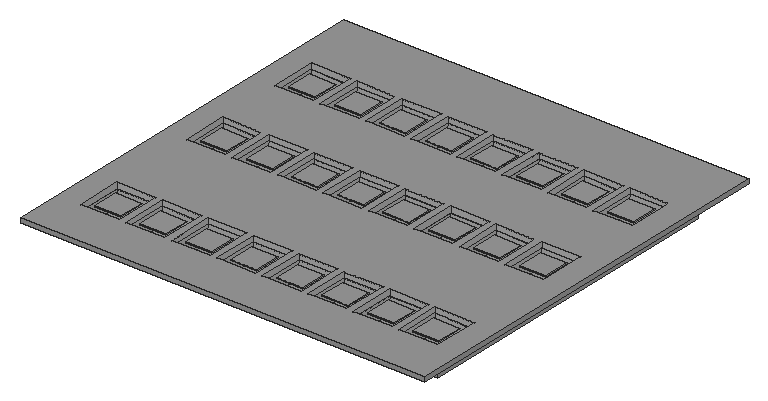
Revit family "2023651", category Lighting Fixtures, host Face, Revit 2018
Family settings
  Host = Face
  Round Connector Dimension = Use Diameter
  Part Type = Normal
  OmniClass Number = 23.80.70.00
  OmniClass Title = Lighting
  Cut with Voids When Loaded = No
  Light Source = Yes
  Shared = No
  Room Calculation Point = No
Parameters (values of type "2023651 OPTIX R 625 3L TW ALU SSC01")
  Weight = "n/a"
  Wattage Comments = ""
  Wattage = 9.2903 W
  WarrantyStartDate [instance] = "n/a"
  WarrantyGuarantorParts = "n/a"
  WarrantyDurationUnit = "n/a"
  WarrantyDurationParts = ""
  WarrantyDescription = "http://www.sylvania-lighting.com"
  built-in parameter 1150110 = 1 (stored number, unit not read)
  Voltage = 0 V
  URL = "0.97"
  TypeName = "OPTIX RECESSED 625 3L TW ALU SSC01"
  Type Image = <None>
  Type Comments = "n/a"
  built-in parameter 1114217 = 1 (stored number, unit not read)
  Tilt Angle = -90.00°
  built-in parameter 1150109 = 1 (stored number, unit not read)
  built-in parameter 1150134 = 3
  built-in parameter 1150113 = 1 (stored number, unit not read)
  SerialNumber [instance] = "n/a"
  Photometric Web File = "2023651.ies"
  Material_3_SYL = none
  PowerFactor = 0
  PowerConsumption = "Lighting"
  NominalLength = 621 mm
  NominalHeight = 38 mm
  NominalDepth = 620 mm
  Name = "OPTIX RECESSED 625 3L TW ALU SSC01"
  ModelReference = Name  # "OPTIX RECESSED 625 3L TW ALU SSC01"
  ModelNumber = "2023651"
  Model = Name  # "OPTIX RECESSED 625 3L TW ALU SSC01"
  Material = "Feilo Sylvania"
  ManufacturerName = "113 lm/W"
  Manufacturer = ""
  LuminousEfficacy = ""
  built-in parameter 1150105 = 109.82 (stored number, unit not read)
  Lumens = 1380 lm
  LuminaireType = "0"
  built-in parameter 1150115 = 1 (stored number, unit not read)
  LightOutputRatio = "LED"
  built-in parameter 1150137 = (empty or 0)
  built-in parameter 1150139 = (empty or 0)
  LampsType = Lamp  # "n/a"
  LampNominalLuminous = "3000 K"
  LampMacAdamStep = "80"
  LampColourTemperature = "LED"
  LampColourRenderingIndex = "16500"
  built-in parameter 1150112 = 1 (stored number, unit not read)
  built-in parameter 1150114 = 1 (stored number, unit not read)
  Lamp = "n/a"
  Keynote = "n/a"
  InstallationDate [instance] = "n/a"
  InputVoltage = "0"
  InputNominalFrequency = "3000"
  built-in parameter 1150132 = (empty or 0)
  built-in parameter 1150102 = (empty or 0)
  built-in parameter 1150107 = 3200 (stored number, unit not read)
  built-in parameter 1150138 = (empty or 0)
  IngressProtection = "IfcLightFixtureType"
  ImpactProtectionIndex = "IfcLightFixtureType"
  built-in parameter 1150106 = 1.0982 (stored number, unit not read)
  IfcExportType = "IfcLightFixtureType"
  IfcExportAs = "Class I"
  Emit from Circle Diameter = 609.6 mm
  Emit Shape Visible in Rendering = no
  ElectricShockClassification = "113"
  built-in parameter 1150104 = 13.8 (stored number, unit not read)
  DocumentationLiterature = "http://www.sylvania-lighting.com/product/en-int/products/2023651"
  DimmingControlOptions = "n/a"
  Material_2_SYL = none
  Dimming Lamp Color Temperature Shift = <None>
  Description = "OPTIX RECESSED 625x625 3L TW ALU SSC01 is a high efficacy low glare luminaire for office and education applications. Ceiling recessed 625x625 mm. Aluminised plastic extra low glare optics in 3 lines configuration. White RAL9016 fixture body. SylSmart Standalone controlled tunable white light engine, CRI>80, chromaticity tolerance of 3-step MacAdam ellipse. Luminous flux 3600lm. Power consumption 26W. Luminaire efficacy 138lm/W. Lifespan: 48,500 hours L90B10. UGR<16, Luminance at 65°<200 Cd/m2, IK07, IP20. Photobiological safety risk group 0. Electrical protection Class I. Glow wire test 850°C."
  Default Elevation = 1219.2 mm
  CreatedOn = "13/10/2022"
  CreatedBy = "@sylvania-lighting.com"
  Cost = 0
  Color Filter = 16777215
  built-in parameter 1114216 [instance] = (empty or 0)
  ClassificationValue = "EF_70_80"
  ClassificationName = "Uniclass2015"
  Material_1_SYL = none
  BarCode [instance] = "n/a"
  built-in parameter 1114218 = 1 (stored number, unit not read)
  built-in parameter 1150133 = 10 (stored number, unit not read)
  AssetType = "Fixed"
  AssetIdentifier [instance] = "n/a"
  Assembly Code = "D5020200"
  Apparent Load = 31 VA
  Material_4_SYL = none
Reference planes
  plane 1 "Center (Front/Back)": y = 0
  plane 2: z = 0
  plane 3 "Center (Left/Right)": x = 0
  plane 4: x = -310.5
  plane 5: x = 310.5
  plane 6: y = 310
  plane 7: y = -310
  plane 8: x = -281.5
  plane 9: x = 281.5
  plane 10: y = 250
  plane 11: y = -250
  plane 12: z = -32
  plane 13: z = 6
  plane 14: y = 204
  plane 15: y = -204
  plane 16: y = 134
  plane 17: y = -134
  plane 18: x = -280
  plane 19: x = 280
  plane 20: x = -275.2
  plane 21: x = -215.2
  plane 22: x = -205.4
  plane 23: x = -145.397
  plane 24: x = -135.597
  plane 25: x = -75.597
  plane 26: x = -65.797
  plane 27: x = -5.797
  plane 28: x = 4.003
  plane 29: x = 64.003
  plane 30: x = 73.803
  plane 31: x = 143.603
  plane 32: x = 133.803
  plane 33: x = 203.603
  plane 34: x = 213.403
  plane 35: x = 273.403
  plane 36: y = 149
  plane 37: y = 189
  plane 38: x = -225.2
  plane 39: x = -265.2
  plane 40: y = 169
  plane 41: y = 35
  plane 42: y = -35
  plane 43: x = -275.2
  plane 44: x = -215.2
  plane 45: x = -205.4
  plane 46: x = -145.397
  plane 47: x = -135.597
  plane 48: x = -75.597
  plane 49: x = -65.797
  plane 50: x = -5.797
  plane 51: x = 4.003
  plane 52: x = 64.003
  plane 53: x = 73.803
  plane 54: x = 143.603
  plane 55: x = 133.803
  plane 56: x = 203.603
  plane 57: x = 213.403
  plane 58: x = 273.403
  plane 59: y = -20
  plane 60: y = 20
  plane 61: x = -225.2
  plane 62: x = -265.2
  plane 63: y = 0
  plane 64: x = -275.2
  plane 65: x = -215.2
  plane 66: x = -205.4
  plane 67: x = -145.397
  plane 68: x = -135.597
  plane 69: x = -75.597
  plane 70: x = -65.797
  plane 71: x = -5.797
  plane 72: x = 4.003
  plane 73: x = 64.003
  plane 74: x = 73.803
  plane 75: x = 143.603
  plane 76: x = 133.803
  plane 77: x = 203.603
  plane 78: x = 213.403
  plane 79: x = 273.403
  plane 80: y = -224
  plane 81: y = -184
  plane 82: x = -225.2
  plane 83: x = -265.2
Forms (mm)
  Extrusion 1, solid, material "Aluminum", detail levels medium+fine
    sketch origin (0, 0, 0) x (1, 0, 0) y (0, 1, 0)
      loop
        line (-310.5, 310) -> (-310.5, -310) -> (310.5, -310) -> (310.5, 310) -> (-310.5, 310)
    from 0 to 6
  Extrusion 2, solid, material "Aluminum", detail levels medium+fine
    sketch origin (0, 0, 0) x (1, 0, 0) y (0, 1, 0)
      loop
        line (-281.5, 250) -> (-281.5, -250) -> (281.5, -250) -> (281.5, 250) -> (-281.5, 250)
    from 0 to -32
  Blend 3, void
    base sketch origin (0, 0, 0) x (1, 0, 0) y (0, 1, 0)
      loop
        line (-275.2, 204) -> (-275.2, 134) -> (-215.2, 134) -> (-215.2, 204) -> (-275.2, 204)
    top sketch origin (0, 0, 0) x (1, 0, 0) y (0, 1, 0)
      loop
        line (-265.2, 189) -> (-265.2, 149) -> (-225.2, 149) -> (-225.2, 189) -> (-265.2, 189)
    from 6 to -19
  Blend 4, void
    base sketch origin (69.8, 0, 0) x (1, 0, 0) y (0, 1, 0)
      loop
        line (-275.2, 204) -> (-275.2, 134) -> (-215.2, 134) -> (-215.2, 204) -> (-275.2, 204)
    top sketch origin (69.8, 0, 0) x (1, 0, 0) y (0, 1, 0)
      loop
        line (-265.2, 189) -> (-265.2, 149) -> (-225.2, 149) -> (-225.2, 189) -> (-265.2, 189)
    from 6 to -19
  Blend 5, void
    base sketch origin (139.603, 0, 0) x (1, 0, 0) y (0, 1, 0)
      loop
        line (-275.2, 204) -> (-275.2, 134) -> (-215.2, 134) -> (-215.2, 204) -> (-275.2, 204)
    top sketch origin (139.603, 0, 0) x (1, 0, 0) y (0, 1, 0)
      loop
        line (-265.2, 189) -> (-265.2, 149) -> (-225.2, 149) -> (-225.2, 189) -> (-265.2, 189)
    from 6 to -19
  Blend 6, void
    base sketch origin (209.403, 0, 0) x (1, 0, 0) y (0, 1, 0)
      loop
        line (-275.2, 204) -> (-275.2, 134) -> (-215.2, 134) -> (-215.2, 204) -> (-275.2, 204)
    top sketch origin (209.403, 0, 0) x (1, 0, 0) y (0, 1, 0)
      loop
        line (-265.2, 189) -> (-265.2, 149) -> (-225.2, 149) -> (-225.2, 189) -> (-265.2, 189)
    from 6 to -19
  Blend 7, void
    base sketch origin (279.203, 0, 0) x (1, 0, 0) y (0, 1, 0)
      loop
        line (-275.2, 204) -> (-275.2, 134) -> (-215.2, 134) -> (-215.2, 204) -> (-275.2, 204)
    top sketch origin (279.203, 0, 0) x (1, 0, 0) y (0, 1, 0)
      loop
        line (-265.2, 189) -> (-265.2, 149) -> (-225.2, 149) -> (-225.2, 189) -> (-265.2, 189)
    from 6 to -19
  Blend 8, void
    base sketch origin (349.003, 0, 0) x (1, 0, 0) y (0, 1, 0)
      loop
        line (-275.2, 204) -> (-275.2, 134) -> (-215.2, 134) -> (-215.2, 204) -> (-275.2, 204)
    top sketch origin (349.003, 0, 0) x (1, 0, 0) y (0, 1, 0)
      loop
        line (-265.2, 189) -> (-265.2, 149) -> (-225.2, 149) -> (-225.2, 189) -> (-265.2, 189)
    from 6 to -19
  Blend 9, void
    base sketch origin (418.803, 0, 0) x (1, 0, 0) y (0, 1, 0)
      loop
        line (-275.2, 204) -> (-275.2, 134) -> (-215.2, 134) -> (-215.2, 204) -> (-275.2, 204)
    top sketch origin (418.803, 0, 0) x (1, 0, 0) y (0, 1, 0)
      loop
        line (-265.2, 189) -> (-265.2, 149) -> (-225.2, 149) -> (-225.2, 189) -> (-265.2, 189)
    from 6 to -19
  Blend 10, void
    base sketch origin (488.603, 0, 0) x (1, 0, 0) y (0, 1, 0)
      loop
        line (-275.2, 204) -> (-275.2, 134) -> (-215.2, 134) -> (-215.2, 204) -> (-275.2, 204)
    top sketch origin (488.603, 0, 0) x (1, 0, 0) y (0, 1, 0)
      loop
        line (-265.2, 189) -> (-265.2, 149) -> (-225.2, 149) -> (-225.2, 189) -> (-265.2, 189)
    from 6 to -19
  Extrusion 11, solid, material "Glass, White, High Luminance", detail levels fine
    sketch origin (0, 0, 0) x (1, 0, 0) y (0, 1, 0)
      loop
        line (-265.2, 189) -> (-265.2, 149) -> (-225.2, 149) -> (-225.2, 189) -> (-265.2, 189)
    from 0 to 1
  Extrusion 12, solid, material "Glass, White, High Luminance", detail levels fine
    sketch origin (69.8, 0, 0) x (1, 0, 0) y (0, 1, 0)
      loop
        line (-265.2, 189) -> (-265.2, 149) -> (-225.2, 149) -> (-225.2, 189) -> (-265.2, 189)
    from 0 to 1
  Extrusion 13, solid, material "Glass, White, High Luminance", detail levels fine
    sketch origin (139.603, 0, 0) x (1, 0, 0) y (0, 1, 0)
      loop
        line (-265.2, 189) -> (-265.2, 149) -> (-225.2, 149) -> (-225.2, 189) -> (-265.2, 189)
    from 0 to 1
  Extrusion 14, solid, material "Glass, White, High Luminance", detail levels fine
    sketch origin (209.403, 0, 0) x (1, 0, 0) y (0, 1, 0)
      loop
        line (-265.2, 189) -> (-265.2, 149) -> (-225.2, 149) -> (-225.2, 189) -> (-265.2, 189)
    from 0 to 1
  Extrusion 15, solid, material "Glass, White, High Luminance", detail levels fine
    sketch origin (279.203, 0, 0) x (1, 0, 0) y (0, 1, 0)
      loop
        line (-265.2, 189) -> (-265.2, 149) -> (-225.2, 149) -> (-225.2, 189) -> (-265.2, 189)
    from 0 to 1
  Extrusion 16, solid, material "Glass, White, High Luminance", detail levels fine
    sketch origin (349.003, 0, 0) x (1, 0, 0) y (0, 1, 0)
      loop
        line (-265.2, 189) -> (-265.2, 149) -> (-225.2, 149) -> (-225.2, 189) -> (-265.2, 189)
    from 0 to 1
  Extrusion 17, solid, material "Glass, White, High Luminance", detail levels fine
    sketch origin (418.803, 0, 0) x (1, 0, 0) y (0, 1, 0)
      loop
        line (-265.2, 189) -> (-265.2, 149) -> (-225.2, 149) -> (-225.2, 189) -> (-265.2, 189)
    from 0 to 1
  Extrusion 18, solid, material "Glass, White, High Luminance", detail levels fine
    sketch origin (488.603, 0, 0) x (1, 0, 0) y (0, 1, 0)
      loop
        line (-265.2, 189) -> (-265.2, 149) -> (-225.2, 149) -> (-225.2, 189) -> (-265.2, 189)
    from 0 to 1
  Extrusion 19, solid, material "Glass, White, High Luminance", detail levels fine
    sketch origin (0, -169, 0) x (1, 0, 0) y (0, 1, 0)
      loop
        line (-265.2, 189) -> (-265.2, 149) -> (-225.2, 149) -> (-225.2, 189) -> (-265.2, 189)
    from 0 to 1
  Extrusion 20, solid, material "Glass, White, High Luminance", detail levels fine
    sketch origin (69.8, -169, 0) x (1, 0, 0) y (0, 1, 0)
      loop
        line (-265.2, 189) -> (-265.2, 149) -> (-225.2, 149) -> (-225.2, 189) -> (-265.2, 189)
    from 0 to 1
  Extrusion 21, solid, material "Glass, White, High Luminance", detail levels fine
    sketch origin (139.603, -169, 0) x (1, 0, 0) y (0, 1, 0)
      loop
        line (-265.2, 189) -> (-265.2, 149) -> (-225.2, 149) -> (-225.2, 189) -> (-265.2, 189)
    from 0 to 1
  Extrusion 22, solid, material "Glass, White, High Luminance", detail levels fine
    sketch origin (209.403, -169, 0) x (1, 0, 0) y (0, 1, 0)
      loop
        line (-265.2, 189) -> (-265.2, 149) -> (-225.2, 149) -> (-225.2, 189) -> (-265.2, 189)
    from 0 to 1
  Extrusion 23, solid, material "Glass, White, High Luminance", detail levels fine
    sketch origin (279.203, -169, 0) x (1, 0, 0) y (0, 1, 0)
      loop
        line (-265.2, 189) -> (-265.2, 149) -> (-225.2, 149) -> (-225.2, 189) -> (-265.2, 189)
    from 0 to 1
  Extrusion 24, solid, material "Glass, White, High Luminance", detail levels fine
    sketch origin (349.003, -169, 0) x (1, 0, 0) y (0, 1, 0)
      loop
        line (-265.2, 189) -> (-265.2, 149) -> (-225.2, 149) -> (-225.2, 189) -> (-265.2, 189)
    from 0 to 1
  Extrusion 25, solid, material "Glass, White, High Luminance", detail levels fine
    sketch origin (418.803, -169, 0) x (1, 0, 0) y (0, 1, 0)
      loop
        line (-265.2, 189) -> (-265.2, 149) -> (-225.2, 149) -> (-225.2, 189) -> (-265.2, 189)
    from 0 to 1
  Extrusion 26, solid, material "Glass, White, High Luminance", detail levels fine
    sketch origin (488.603, -169, 0) x (1, 0, 0) y (0, 1, 0)
      loop
        line (-265.2, 189) -> (-265.2, 149) -> (-225.2, 149) -> (-225.2, 189) -> (-265.2, 189)
    from 0 to 1
  Blend 27, void
    base sketch origin (0, -169, 0) x (1, 0, 0) y (0, 1, 0)
      loop
        line (-275.2, 204) -> (-275.2, 134) -> (-215.2, 134) -> (-215.2, 204) -> (-275.2, 204)
    top sketch origin (0, -169, 0) x (1, 0, 0) y (0, 1, 0)
      loop
        line (-265.2, 189) -> (-265.2, 149) -> (-225.2, 149) -> (-225.2, 189) -> (-265.2, 189)
    from 6 to -19
  Blend 28, void
    base sketch origin (69.8, -169, 0) x (1, 0, 0) y (0, 1, 0)
      loop
        line (-275.2, 204) -> (-275.2, 134) -> (-215.2, 134) -> (-215.2, 204) -> (-275.2, 204)
    top sketch origin (69.8, -169, 0) x (1, 0, 0) y (0, 1, 0)
      loop
        line (-265.2, 189) -> (-265.2, 149) -> (-225.2, 149) -> (-225.2, 189) -> (-265.2, 189)
    from 6 to -19
  Blend 29, void
    base sketch origin (139.603, -169, 0) x (1, 0, 0) y (0, 1, 0)
      loop
        line (-275.2, 204) -> (-275.2, 134) -> (-215.2, 134) -> (-215.2, 204) -> (-275.2, 204)
    top sketch origin (139.603, -169, 0) x (1, 0, 0) y (0, 1, 0)
      loop
        line (-265.2, 189) -> (-265.2, 149) -> (-225.2, 149) -> (-225.2, 189) -> (-265.2, 189)
    from 6 to -19
  Blend 30, void
    base sketch origin (209.403, -169, 0) x (1, 0, 0) y (0, 1, 0)
      loop
        line (-275.2, 204) -> (-275.2, 134) -> (-215.2, 134) -> (-215.2, 204) -> (-275.2, 204)
    top sketch origin (209.403, -169, 0) x (1, 0, 0) y (0, 1, 0)
      loop
        line (-265.2, 189) -> (-265.2, 149) -> (-225.2, 149) -> (-225.2, 189) -> (-265.2, 189)
    from 6 to -19
  Blend 31, void
    base sketch origin (279.203, -169, 0) x (1, 0, 0) y (0, 1, 0)
      loop
        line (-275.2, 204) -> (-275.2, 134) -> (-215.2, 134) -> (-215.2, 204) -> (-275.2, 204)
    top sketch origin (279.203, -169, 0) x (1, 0, 0) y (0, 1, 0)
      loop
        line (-265.2, 189) -> (-265.2, 149) -> (-225.2, 149) -> (-225.2, 189) -> (-265.2, 189)
    from 6 to -19
  Blend 32, void
    base sketch origin (349.003, -169, 0) x (1, 0, 0) y (0, 1, 0)
      loop
        line (-275.2, 204) -> (-275.2, 134) -> (-215.2, 134) -> (-215.2, 204) -> (-275.2, 204)
    top sketch origin (349.003, -169, 0) x (1, 0, 0) y (0, 1, 0)
      loop
        line (-265.2, 189) -> (-265.2, 149) -> (-225.2, 149) -> (-225.2, 189) -> (-265.2, 189)
    from 6 to -19
  Blend 33, void
    base sketch origin (418.803, -169, 0) x (1, 0, 0) y (0, 1, 0)
      loop
        line (-275.2, 204) -> (-275.2, 134) -> (-215.2, 134) -> (-215.2, 204) -> (-275.2, 204)
    top sketch origin (418.803, -169, 0) x (1, 0, 0) y (0, 1, 0)
      loop
        line (-265.2, 189) -> (-265.2, 149) -> (-225.2, 149) -> (-225.2, 189) -> (-265.2, 189)
    from 6 to -19
  Blend 34, void
    base sketch origin (488.603, -169, 0) x (1, 0, 0) y (0, 1, 0)
      loop
        line (-275.2, 204) -> (-275.2, 134) -> (-215.2, 134) -> (-215.2, 204) -> (-275.2, 204)
    top sketch origin (488.603, -169, 0) x (1, 0, 0) y (0, 1, 0)
      loop
        line (-265.2, 189) -> (-265.2, 149) -> (-225.2, 149) -> (-225.2, 189) -> (-265.2, 189)
    from 6 to -19
  Extrusion 35, solid, material "Glass, White, High Luminance", detail levels fine
    sketch origin (0, -373, 0) x (1, 0, 0) y (0, 1, 0)
      loop
        line (-265.2, 189) -> (-265.2, 149) -> (-225.2, 149) -> (-225.2, 189) -> (-265.2, 189)
    from 0 to 1
  Extrusion 36, solid, material "Glass, White, High Luminance", detail levels fine
    sketch origin (69.8, -373, 0) x (1, 0, 0) y (0, 1, 0)
      loop
        line (-265.2, 189) -> (-265.2, 149) -> (-225.2, 149) -> (-225.2, 189) -> (-265.2, 189)
    from 0 to 1
  Extrusion 37, solid, material "Glass, White, High Luminance", detail levels fine
    sketch origin (139.603, -373, 0) x (1, 0, 0) y (0, 1, 0)
      loop
        line (-265.2, 189) -> (-265.2, 149) -> (-225.2, 149) -> (-225.2, 189) -> (-265.2, 189)
    from 0 to 1
  Extrusion 38, solid, material "Glass, White, High Luminance", detail levels fine
    sketch origin (209.403, -373, 0) x (1, 0, 0) y (0, 1, 0)
      loop
        line (-265.2, 189) -> (-265.2, 149) -> (-225.2, 149) -> (-225.2, 189) -> (-265.2, 189)
    from 0 to 1
  Extrusion 39, solid, material "Glass, White, High Luminance", detail levels fine
    sketch origin (279.203, -373, 0) x (1, 0, 0) y (0, 1, 0)
      loop
        line (-265.2, 189) -> (-265.2, 149) -> (-225.2, 149) -> (-225.2, 189) -> (-265.2, 189)
    from 0 to 1
  Extrusion 40, solid, material "Glass, White, High Luminance", detail levels fine
    sketch origin (349.003, -373, 0) x (1, 0, 0) y (0, 1, 0)
      loop
        line (-265.2, 189) -> (-265.2, 149) -> (-225.2, 149) -> (-225.2, 189) -> (-265.2, 189)
    from 0 to 1
  Extrusion 41, solid, material "Glass, White, High Luminance", detail levels fine
    sketch origin (418.803, -373, 0) x (1, 0, 0) y (0, 1, 0)
      loop
        line (-265.2, 189) -> (-265.2, 149) -> (-225.2, 149) -> (-225.2, 189) -> (-265.2, 189)
    from 0 to 1
  Extrusion 42, solid, material "Glass, White, High Luminance", detail levels fine
    sketch origin (488.603, -373, 0) x (1, 0, 0) y (0, 1, 0)
      loop
        line (-265.2, 189) -> (-265.2, 149) -> (-225.2, 149) -> (-225.2, 189) -> (-265.2, 189)
    from 0 to 1
  Blend 43, void
    base sketch origin (0, -373, 0) x (1, 0, 0) y (0, 1, 0)
      loop
        line (-275.2, 204) -> (-275.2, 134) -> (-215.2, 134) -> (-215.2, 204) -> (-275.2, 204)
    top sketch origin (0, -373, 0) x (1, 0, 0) y (0, 1, 0)
      loop
        line (-265.2, 189) -> (-265.2, 149) -> (-225.2, 149) -> (-225.2, 189) -> (-265.2, 189)
    from 6 to -19
  Blend 44, void
    base sketch origin (69.8, -373, 0) x (1, 0, 0) y (0, 1, 0)
      loop
        line (-275.2, 204) -> (-275.2, 134) -> (-215.2, 134) -> (-215.2, 204) -> (-275.2, 204)
    top sketch origin (69.8, -373, 0) x (1, 0, 0) y (0, 1, 0)
      loop
        line (-265.2, 189) -> (-265.2, 149) -> (-225.2, 149) -> (-225.2, 189) -> (-265.2, 189)
    from 6 to -19
  Blend 45, void
    base sketch origin (139.603, -373, 0) x (1, 0, 0) y (0, 1, 0)
      loop
        line (-275.2, 204) -> (-275.2, 134) -> (-215.2, 134) -> (-215.2, 204) -> (-275.2, 204)
    top sketch origin (139.603, -373, 0) x (1, 0, 0) y (0, 1, 0)
      loop
        line (-265.2, 189) -> (-265.2, 149) -> (-225.2, 149) -> (-225.2, 189) -> (-265.2, 189)
    from 6 to -19
  Blend 46, void
    base sketch origin (209.403, -373, 0) x (1, 0, 0) y (0, 1, 0)
      loop
        line (-275.2, 204) -> (-275.2, 134) -> (-215.2, 134) -> (-215.2, 204) -> (-275.2, 204)
    top sketch origin (209.403, -373, 0) x (1, 0, 0) y (0, 1, 0)
      loop
        line (-265.2, 189) -> (-265.2, 149) -> (-225.2, 149) -> (-225.2, 189) -> (-265.2, 189)
    from 6 to -19
  Blend 47, void
    base sketch origin (279.203, -373, 0) x (1, 0, 0) y (0, 1, 0)
      loop
        line (-275.2, 204) -> (-275.2, 134) -> (-215.2, 134) -> (-215.2, 204) -> (-275.2, 204)
    top sketch origin (279.203, -373, 0) x (1, 0, 0) y (0, 1, 0)
      loop
        line (-265.2, 189) -> (-265.2, 149) -> (-225.2, 149) -> (-225.2, 189) -> (-265.2, 189)
    from 6 to -19
  Blend 48, void
    base sketch origin (349.003, -373, 0) x (1, 0, 0) y (0, 1, 0)
      loop
        line (-275.2, 204) -> (-275.2, 134) -> (-215.2, 134) -> (-215.2, 204) -> (-275.2, 204)
    top sketch origin (349.003, -373, 0) x (1, 0, 0) y (0, 1, 0)
      loop
        line (-265.2, 189) -> (-265.2, 149) -> (-225.2, 149) -> (-225.2, 189) -> (-265.2, 189)
    from 6 to -19
  Blend 49, void
    base sketch origin (418.803, -373, 0) x (1, 0, 0) y (0, 1, 0)
      loop
        line (-275.2, 204) -> (-275.2, 134) -> (-215.2, 134) -> (-215.2, 204) -> (-275.2, 204)
    top sketch origin (418.803, -373, 0) x (1, 0, 0) y (0, 1, 0)
      loop
        line (-265.2, 189) -> (-265.2, 149) -> (-225.2, 149) -> (-225.2, 189) -> (-265.2, 189)
    from 6 to -19
  Blend 50, void
    base sketch origin (488.603, -373, 0) x (1, 0, 0) y (0, 1, 0)
      loop
        line (-275.2, 204) -> (-275.2, 134) -> (-215.2, 134) -> (-215.2, 204) -> (-275.2, 204)
    top sketch origin (488.603, -373, 0) x (1, 0, 0) y (0, 1, 0)
      loop
        line (-265.2, 189) -> (-265.2, 149) -> (-225.2, 149) -> (-225.2, 189) -> (-265.2, 189)
    from 6 to -19
  Extrusion 51, solid, detail levels coarse
    sketch origin (0, 0, 0) x (1, 0, 0) y (0, 0, 1)
      loop
        line (-310.5, 6) -> (-310.5, -32) -> (310, -32) -> (310, 6) -> (-310.5, 6)
    from -310 to 310
Cuts and joins
  Blend 3, Blend 4, Blend 5, Blend 6, Blend 7, Blend 8, Blend 9, Blend 10, Blend 27, Blend 28, Blend 29, Blend 30, Blend 31, Blend 32, Blend 33, Blend 34, Blend 43, Blend 44, Blend 45, Blend 46, Blend 47, Blend 48, Blend 49, Blend 50 cuts Extrusion 1
  Blend 3, Blend 4, Blend 5, Blend 6, Blend 7, Blend 8, Blend 9, Blend 10, Blend 27, Blend 28, Blend 29, Blend 30, Blend 31, Blend 32, Blend 33, Blend 34, Blend 43, Blend 44, Blend 45, Blend 46, Blend 47, Blend 48, Blend 49, Blend 50 cuts Extrusion 2
  Blend 27 cuts Extrusion 11
  Blend 28 cuts Extrusion 12
  Blend 29 cuts Extrusion 13
  Blend 30 cuts Extrusion 14
  Blend 31 cuts Extrusion 15
  Blend 32 cuts Extrusion 16
  Blend 33 cuts Extrusion 17
  Blend 34 cuts Extrusion 18
  Blend 43 cuts Extrusion 19
  Blend 44 cuts Extrusion 20
  Blend 45 cuts Extrusion 21
  Blend 46 cuts Extrusion 22
  Blend 47 cuts Extrusion 23
  Blend 48 cuts Extrusion 24
  Blend 49 cuts Extrusion 25
  Blend 50 cuts Extrusion 26
Dimensions and locks
  "NominalLength": plane 4 to plane 5
  equal spacing: plane 4, plane 3 "Center (Left/Right)", plane 5
  "NominalDepth": plane 6 to plane 7
  equal spacing: plane 6, plane 1 "Center (Front/Back)", plane 7
  plane 12 to plane 2 = 32 mm
  plane 13 to plane 2 = 6 mm
  "NominalHeight": plane 12 to plane 13
  aligned and locked: plane 2 to host face
  aligned and locked: level to host face
Automatic sketch dimensions
  host sketch curve to host sketch curve = 2438.4 mm  (x2)
  Extrusion 1 sketch curve to plane 4 = 0 mm
  Extrusion 1 sketch curve to plane 5 = 0 mm
  Extrusion 1 sketch curve to plane 7 = 0 mm
  Extrusion 1 sketch curve to plane 6 = 0 mm
  Extrusion 2 sketch curve to plane 8 = 0 mm
  Extrusion 2 sketch curve to plane 9 = 0 mm
  Extrusion 2 sketch curve to plane 11 = 0 mm
  Extrusion 2 sketch curve to plane 10 = 0 mm
  Blend 3 sketch curve to plane 16 = 0 mm
  Blend 3 sketch curve to plane 20 = 0 mm
  Blend 3 sketch curve to plane 21 = 0 mm
  Blend 3 sketch curve to plane 14 = 0 mm
  Blend 3 sketch curve to plane 36 = 0 mm
  Blend 3 sketch curve to plane 39 = 0 mm
  Blend 3 sketch curve to plane 38 = 0 mm
  Blend 3 sketch curve to plane 37 = 0 mm
  Blend 4 sketch curve to plane 16 = 0 mm
  Blend 4 sketch curve to plane 22 = 0 mm
  Blend 4 sketch curve to plane 14 = 0 mm
  Blend 4 sketch curve to plane 23 = 0.003 mm
  Blend 4 sketch curve to plane 36 = 0 mm
  Blend 4 sketch curve to plane 37 = 0 mm
  plane 22 to Blend 4 sketch curve = 10 mm
  Blend 4 sketch curve to plane 23 = 10.003 mm
  Blend 5 sketch curve to plane 16 = 0 mm
  Blend 5 sketch curve to plane 24 = 0 mm
  Blend 5 sketch curve to plane 25 = 0 mm
  Blend 5 sketch curve to plane 14 = 0 mm
  plane 36 to Blend 5 sketch curve = 0 mm
  plane 37 to Blend 5 sketch curve = 0 mm
  plane 24 to Blend 5 sketch curve = 10 mm
  Blend 5 sketch curve to plane 25 = 10 mm
  Blend 6 sketch curve to plane 16 = 0 mm
  Blend 6 sketch curve to plane 26 = 0 mm
  Blend 6 sketch curve to plane 27 = 0 mm
  Blend 6 sketch curve to plane 14 = 0 mm
  plane 36 to Blend 6 sketch curve = 0 mm
  plane 37 to Blend 6 sketch curve = 0 mm
  plane 26 to Blend 6 sketch curve = 10 mm
  Blend 6 sketch curve to plane 27 = 10 mm
  Blend 7 sketch curve to plane 16 = 0 mm
  Blend 7 sketch curve to plane 28 = 0 mm
  Blend 7 sketch curve to plane 29 = 0 mm
  Blend 7 sketch curve to plane 14 = 0 mm
  plane 36 to Blend 7 sketch curve = 0 mm
  plane 37 to Blend 7 sketch curve = 0 mm
  plane 28 to Blend 7 sketch curve = 10 mm
  Blend 7 sketch curve to plane 29 = 10 mm
  Blend 8 sketch curve to plane 16 = 0 mm
  Blend 8 sketch curve to plane 30 = 0 mm
  Blend 8 sketch curve to plane 32 = 0 mm
  Blend 8 sketch curve to plane 14 = 0 mm
  plane 36 to Blend 8 sketch curve = 0 mm
  plane 37 to Blend 8 sketch curve = 0 mm
  plane 30 to Blend 8 sketch curve = 10 mm
  Blend 8 sketch curve to plane 32 = 10 mm
  Blend 9 sketch curve to plane 16 = 0 mm
  Blend 9 sketch curve to plane 31 = 0 mm
  Blend 9 sketch curve to plane 33 = 0 mm
  Blend 9 sketch curve to plane 14 = 0 mm
  plane 36 to Blend 9 sketch curve = 0 mm
  plane 37 to Blend 9 sketch curve = 0 mm
  plane 31 to Blend 9 sketch curve = 10 mm
  Blend 9 sketch curve to plane 33 = 10 mm
  Blend 10 sketch curve to plane 16 = 0 mm
  Blend 10 sketch curve to plane 34 = 0 mm
  Blend 10 sketch curve to plane 35 = 0 mm
  Blend 10 sketch curve to plane 14 = 0 mm
  plane 36 to Blend 10 sketch curve = 0 mm
  plane 37 to Blend 10 sketch curve = 0 mm
  plane 34 to Blend 10 sketch curve = 10 mm
  Blend 10 sketch curve to plane 35 = 10 mm
  Extrusion 11 sketch curve to plane 36 = 0 mm
  Extrusion 11 sketch curve to plane 39 = 0 mm
  Extrusion 11 sketch curve to plane 38 = 0 mm
  Extrusion 11 sketch curve to plane 37 = 0 mm
  Extrusion 12 sketch curve to plane 36 = 0 mm
  Extrusion 12 sketch curve to plane 37 = 0 mm
  plane 22 to Extrusion 12 sketch curve = 10 mm
  Extrusion 12 sketch curve to plane 23 = 10.003 mm
  plane 36 to Extrusion 13 sketch curve = 0 mm
  plane 37 to Extrusion 13 sketch curve = 0 mm
  plane 24 to Extrusion 13 sketch curve = 10 mm
  Extrusion 13 sketch curve to plane 25 = 10 mm
  plane 36 to Extrusion 14 sketch curve = 0 mm
  plane 37 to Extrusion 14 sketch curve = 0 mm
  plane 26 to Extrusion 14 sketch curve = 10 mm
  Extrusion 14 sketch curve to plane 27 = 10 mm
  plane 36 to Extrusion 15 sketch curve = 0 mm
  plane 37 to Extrusion 15 sketch curve = 0 mm
  plane 28 to Extrusion 15 sketch curve = 10 mm
  Extrusion 15 sketch curve to plane 29 = 10 mm
  plane 36 to Extrusion 16 sketch curve = 0 mm
  plane 37 to Extrusion 16 sketch curve = 0 mm
  plane 30 to Extrusion 16 sketch curve = 10 mm
  Extrusion 16 sketch curve to plane 32 = 10 mm
  plane 36 to Extrusion 17 sketch curve = 0 mm
  plane 37 to Extrusion 17 sketch curve = 0 mm
  plane 31 to Extrusion 17 sketch curve = 10 mm
  Extrusion 17 sketch curve to plane 33 = 10 mm
  plane 36 to Extrusion 18 sketch curve = 0 mm
  plane 37 to Extrusion 18 sketch curve = 0 mm
  plane 34 to Extrusion 18 sketch curve = 10 mm
  Extrusion 18 sketch curve to plane 35 = 10 mm
  Extrusion 19 sketch curve to plane 39 = 0 mm
  Extrusion 19 sketch curve to plane 38 = 0 mm
  Extrusion 19 sketch curve to plane 59 = 0 mm
  Extrusion 19 sketch curve to plane 60 = 0 mm
  Extrusion 20 sketch curve to plane 59 = 0 mm
  Extrusion 20 sketch curve to plane 60 = 0 mm
  plane 22 to Extrusion 20 sketch curve = 10 mm
  Extrusion 20 sketch curve to plane 23 = 10.003 mm
  plane 59 to Extrusion 21 sketch curve = 0 mm
  plane 60 to Extrusion 21 sketch curve = 0 mm
  plane 24 to Extrusion 21 sketch curve = 10 mm
  Extrusion 21 sketch curve to plane 25 = 10 mm
  plane 59 to Extrusion 22 sketch curve = 0 mm
  plane 60 to Extrusion 22 sketch curve = 0 mm
  plane 26 to Extrusion 22 sketch curve = 10 mm
  Extrusion 22 sketch curve to plane 27 = 10 mm
  plane 59 to Extrusion 23 sketch curve = 0 mm
  plane 60 to Extrusion 23 sketch curve = 0 mm
  plane 28 to Extrusion 23 sketch curve = 10 mm
  Extrusion 23 sketch curve to plane 29 = 10 mm
  plane 59 to Extrusion 24 sketch curve = 0 mm
  plane 60 to Extrusion 24 sketch curve = 0 mm
  plane 30 to Extrusion 24 sketch curve = 10 mm
  Extrusion 24 sketch curve to plane 32 = 10 mm
  plane 59 to Extrusion 25 sketch curve = 0 mm
  plane 60 to Extrusion 25 sketch curve = 0 mm
  plane 31 to Extrusion 25 sketch curve = 10 mm
  Extrusion 25 sketch curve to plane 33 = 10 mm
  plane 59 to Extrusion 26 sketch curve = 0 mm
  plane 60 to Extrusion 26 sketch curve = 0 mm
  plane 34 to Extrusion 26 sketch curve = 10 mm
  Extrusion 26 sketch curve to plane 35 = 10 mm
  Blend 27 sketch curve to plane 20 = 0 mm
  Blend 27 sketch curve to plane 21 = 0 mm
  Blend 27 sketch curve to plane 42 = 0 mm
  Blend 27 sketch curve to plane 41 = 0 mm
  Blend 27 sketch curve to plane 39 = 0 mm
  Blend 27 sketch curve to plane 38 = 0 mm
  Blend 27 sketch curve to plane 59 = 0 mm
  Blend 27 sketch curve to plane 60 = 0 mm
  Blend 28 sketch curve to plane 22 = 0 mm
  Blend 28 sketch curve to plane 42 = 0 mm
  Blend 28 sketch curve to plane 41 = 0 mm
  Blend 28 sketch curve to plane 23 = 0.003 mm
  Blend 28 sketch curve to plane 59 = 0 mm
  Blend 28 sketch curve to plane 60 = 0 mm
  plane 22 to Blend 28 sketch curve = 10 mm
  Blend 28 sketch curve to plane 23 = 10.003 mm
  Blend 29 sketch curve to plane 24 = 0 mm
  Blend 29 sketch curve to plane 25 = 0 mm
  Blend 29 sketch curve to plane 42 = 0 mm
  Blend 29 sketch curve to plane 41 = 0 mm
  plane 59 to Blend 29 sketch curve = 0 mm
  plane 60 to Blend 29 sketch curve = 0 mm
  plane 24 to Blend 29 sketch curve = 10 mm
  Blend 29 sketch curve to plane 25 = 10 mm
  Blend 30 sketch curve to plane 26 = 0 mm
  Blend 30 sketch curve to plane 27 = 0 mm
  Blend 30 sketch curve to plane 42 = 0 mm
  Blend 30 sketch curve to plane 41 = 0 mm
  plane 59 to Blend 30 sketch curve = 0 mm
  plane 60 to Blend 30 sketch curve = 0 mm
  plane 26 to Blend 30 sketch curve = 10 mm
  Blend 30 sketch curve to plane 27 = 10 mm
  Blend 31 sketch curve to plane 28 = 0 mm
  Blend 31 sketch curve to plane 29 = 0 mm
  Blend 31 sketch curve to plane 42 = 0 mm
  Blend 31 sketch curve to plane 41 = 0 mm
  plane 59 to Blend 31 sketch curve = 0 mm
  plane 60 to Blend 31 sketch curve = 0 mm
  plane 28 to Blend 31 sketch curve = 10 mm
  Blend 31 sketch curve to plane 29 = 10 mm
  Blend 32 sketch curve to plane 30 = 0 mm
  Blend 32 sketch curve to plane 32 = 0 mm
  Blend 32 sketch curve to plane 42 = 0 mm
  Blend 32 sketch curve to plane 41 = 0 mm
  plane 59 to Blend 32 sketch curve = 0 mm
  plane 60 to Blend 32 sketch curve = 0 mm
  plane 30 to Blend 32 sketch curve = 10 mm
  Blend 32 sketch curve to plane 32 = 10 mm
  Blend 33 sketch curve to plane 31 = 0 mm
  Blend 33 sketch curve to plane 33 = 0 mm
  Blend 33 sketch curve to plane 42 = 0 mm
  Blend 33 sketch curve to plane 41 = 0 mm
  plane 59 to Blend 33 sketch curve = 0 mm
  plane 60 to Blend 33 sketch curve = 0 mm
  plane 31 to Blend 33 sketch curve = 10 mm
  Blend 33 sketch curve to plane 33 = 10 mm
  Blend 34 sketch curve to plane 34 = 0 mm
  Blend 34 sketch curve to plane 35 = 0 mm
  Blend 34 sketch curve to plane 42 = 0 mm
  Blend 34 sketch curve to plane 41 = 0 mm
  plane 59 to Blend 34 sketch curve = 0 mm
  plane 60 to Blend 34 sketch curve = 0 mm
  plane 34 to Blend 34 sketch curve = 10 mm
  Blend 34 sketch curve to plane 35 = 10 mm
  Extrusion 35 sketch curve to plane 39 = 0 mm
  Extrusion 35 sketch curve to plane 38 = 0 mm
  Extrusion 35 sketch curve to plane 80 = 0 mm
  Extrusion 35 sketch curve to plane 81 = 0 mm
  Extrusion 36 sketch curve to plane 80 = 0 mm
  Extrusion 36 sketch curve to plane 81 = 0 mm
  plane 22 to Extrusion 36 sketch curve = 10 mm
  Extrusion 36 sketch curve to plane 23 = 10.003 mm
  plane 80 to Extrusion 37 sketch curve = 0 mm
  plane 81 to Extrusion 37 sketch curve = 0 mm
  plane 24 to Extrusion 37 sketch curve = 10 mm
  Extrusion 37 sketch curve to plane 25 = 10 mm
  plane 80 to Extrusion 38 sketch curve = 0 mm
  plane 81 to Extrusion 38 sketch curve = 0 mm
  plane 26 to Extrusion 38 sketch curve = 10 mm
  Extrusion 38 sketch curve to plane 27 = 10 mm
  plane 80 to Extrusion 39 sketch curve = 0 mm
  plane 81 to Extrusion 39 sketch curve = 0 mm
  plane 28 to Extrusion 39 sketch curve = 10 mm
  Extrusion 39 sketch curve to plane 29 = 10 mm
  plane 80 to Extrusion 40 sketch curve = 0 mm
  plane 81 to Extrusion 40 sketch curve = 0 mm
  plane 30 to Extrusion 40 sketch curve = 10 mm
  Extrusion 40 sketch curve to plane 32 = 10 mm
  plane 80 to Extrusion 41 sketch curve = 0 mm
  plane 81 to Extrusion 41 sketch curve = 0 mm
  plane 31 to Extrusion 41 sketch curve = 10 mm
  Extrusion 41 sketch curve to plane 33 = 10 mm
  plane 80 to Extrusion 42 sketch curve = 0 mm
  plane 81 to Extrusion 42 sketch curve = 0 mm
  plane 34 to Extrusion 42 sketch curve = 10 mm
  Extrusion 42 sketch curve to plane 35 = 10 mm
  Blend 43 sketch curve to plane 20 = 0 mm
  Blend 43 sketch curve to plane 21 = 0 mm
  plane 11 to Blend 43 sketch curve = 11 mm
  plane 81 to Blend 43 sketch curve = 15 mm
  Blend 43 sketch curve to plane 39 = 0 mm
  Blend 43 sketch curve to plane 38 = 0 mm
  Blend 43 sketch curve to plane 80 = 0 mm
  Blend 43 sketch curve to plane 81 = 0 mm
  Blend 44 sketch curve to plane 22 = 0 mm
  Blend 44 sketch curve to plane 23 = 0.003 mm
  plane 11 to Blend 44 sketch curve = 11 mm
  plane 81 to Blend 44 sketch curve = 15 mm
  Blend 44 sketch curve to plane 80 = 0 mm
  Blend 44 sketch curve to plane 81 = 0 mm
  plane 22 to Blend 44 sketch curve = 10 mm
  Blend 44 sketch curve to plane 23 = 10.003 mm
  Blend 45 sketch curve to plane 24 = 0 mm
  Blend 45 sketch curve to plane 25 = 0 mm
  plane 11 to Blend 45 sketch curve = 11 mm
  plane 81 to Blend 45 sketch curve = 15 mm
  plane 80 to Blend 45 sketch curve = 0 mm
  plane 81 to Blend 45 sketch curve = 0 mm
  plane 24 to Blend 45 sketch curve = 10 mm
  Blend 45 sketch curve to plane 25 = 10 mm
  Blend 46 sketch curve to plane 26 = 0 mm
  Blend 46 sketch curve to plane 27 = 0 mm
  plane 11 to Blend 46 sketch curve = 11 mm
  plane 81 to Blend 46 sketch curve = 15 mm
  plane 80 to Blend 46 sketch curve = 0 mm
  plane 81 to Blend 46 sketch curve = 0 mm
  plane 26 to Blend 46 sketch curve = 10 mm
  Blend 46 sketch curve to plane 27 = 10 mm
  Blend 47 sketch curve to plane 28 = 0 mm
  Blend 47 sketch curve to plane 29 = 0 mm
  plane 11 to Blend 47 sketch curve = 11 mm
  plane 81 to Blend 47 sketch curve = 15 mm
  plane 80 to Blend 47 sketch curve = 0 mm
  plane 81 to Blend 47 sketch curve = 0 mm
  plane 28 to Blend 47 sketch curve = 10 mm
  Blend 47 sketch curve to plane 29 = 10 mm
  Blend 48 sketch curve to plane 30 = 0 mm
  Blend 48 sketch curve to plane 32 = 0 mm
  plane 11 to Blend 48 sketch curve = 11 mm
  plane 81 to Blend 48 sketch curve = 15 mm
  plane 80 to Blend 48 sketch curve = 0 mm
  plane 81 to Blend 48 sketch curve = 0 mm
  plane 30 to Blend 48 sketch curve = 10 mm
  Blend 48 sketch curve to plane 32 = 10 mm
  Blend 49 sketch curve to plane 31 = 0 mm
  Blend 49 sketch curve to plane 33 = 0 mm
  plane 11 to Blend 49 sketch curve = 11 mm
  plane 81 to Blend 49 sketch curve = 15 mm
  plane 80 to Blend 49 sketch curve = 0 mm
  plane 81 to Blend 49 sketch curve = 0 mm
  plane 31 to Blend 49 sketch curve = 10 mm
  Blend 49 sketch curve to plane 33 = 10 mm
  Blend 50 sketch curve to plane 34 = 0 mm
  Blend 50 sketch curve to plane 35 = 0 mm
  plane 11 to Blend 50 sketch curve = 11 mm
  plane 81 to Blend 50 sketch curve = 15 mm
  plane 80 to Blend 50 sketch curve = 0 mm
  plane 81 to Blend 50 sketch curve = 0 mm
  plane 34 to Blend 50 sketch curve = 10 mm
  Blend 50 sketch curve to plane 35 = 10 mm
  Extrusion 51 sketch curve to plane 4 = 0 mm
  plane 9 to Extrusion 51 sketch curve = 28.5 mm
  Extrusion 51 sketch curve to plane 12 = 0 mm
  plane 13 to Extrusion 51 sketch curve = 0 mm
Connectors
  electrical at (0, 0, 0), driven by "Apparent Load", driven by "PowerFactor", driven by "Voltage"
    settings: index 1, voltage 0 V, apparent load 31 VA, apparent load phase1 0 VA, apparent load phase2 0 VA, apparent load phase3 0 VA, power factor 0, load classification "Lighting", number of poles 1, system type 30, power factor state 1, is connector primary yes, connector utility no, sub classification motor no, connector description ""
